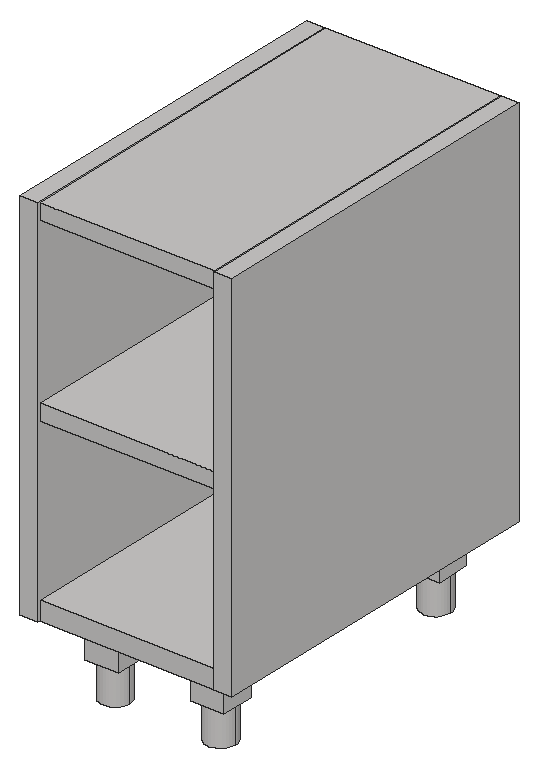
Revit family "QF_ELECTROLUXPROFESSIONAL_121810_TERG4", category Attrezzature speciali, Revit 2020
Family settings
  Quota connettore circolare = Usa diametro
  Tipo di parte = Normale
  Basato su piano di lavoro = No
  Sempre verticale = Sì
  Taglio con vuoti quando caricato = No
  Condiviso = No
  Punto di calcolo locali = No
Parameters (values of type "Standard")
  Weight = 7.00 kg
  Watts = 0 W
  Volts = 0 V
  URL Manufacturer = "https://www.electroluxprofessional.com/"
  URL = "https://www.electroluxprofessional.com/"
  Steam Supply Size = 0 mm
  Steam Supply Minimum Pressure = 0.0 Pa
  Steam Supply Maximum Pressure = 0.0 Pa
  Steam Consumption per Hour = 0
  Refrigeration Suction Line Size = 0.0 mm
  Refrigeration Liquid Line Size = 0.0 mm
  Refrigerant Compressor Remote = yes
  Prospetto di default = 0.0 mm
  Phase = 0
  Modello = "TERG4"
  Produttore = "Electrolux Professional"
  Length Actual = 400.0 mm  # constant formula
  Item Number = "121810"
  Hot Water Size = 0 mm
  Height Actual = 860.0 mm  # constant formula
  HP = "0 HP"
  Gas Size = 0 mm
  Gas KW = 0
  Gas Input Pressure = 0 W
  Direct Waste Size = 0 mm
  Descrizione = "OPEN AMBIENT UNIT 400MM"
  Depth Actual = 680.0 mm  # constant formula
  Cycle = 0 Hz
  Condensate Return Size = 0 mm
  Compressed Air Volume = 0.0 L/s
  Compressed Air Size = 0 mm
  Compressed Air Pressure = 0.0 Pa
  Cold Water Size = 0 mm
  Accessory = yes
Reference planes
  plane 1 "Center (Front/Back)": y = 0
  plane 2: z = 0
  plane 3 "Center (Left/Right)": x = -300
  plane 4 "LEFT": x = -500
  plane 5 "RIGHT": x = -100
  plane 6 "BACK": y = 340
  plane 7 "FRONT": y = -340
  plane 8 "Base": z = 860
  plane 9 "TOP": z = 900
  plane 10: x = -400
  plane 11: x = -200
  plane 12: y = 270
  plane 13: y = -240
  plane 14 "FEET": z = 150
  plane 15: x = 152.5
  plane 16: x = -466
  plane 17: x = -134
  plane 18: y = -337
  plane 19: y = 310
Forms (mm)
  Extrusion 1, solid, material "QF_Finishes_Stainless Steel"
    sketch origin (0, 0, 150) x (-1, 0, 0) y (0, -1, 0)
      loop
        line (500, -340) -> (500, 340) -> (466, 340) -> (466, -340) -> (500, -340)
      loop
        line (134, -340) -> (134, 340) -> (100, 340) -> (100, -340) -> (134, -340)
    from 0 to 710
  Extrusion 2, solid, material "QF_Finishes_Stainless Steel"
    sketch origin (0, 0, 150) x (-1, 0, 0) y (0, -1, 0)
      loop
        line (466, -310) -> (466, 337) -> (134, 337) -> (134, -310) -> (466, -310)
    from 0 to 35
  Extrusion 3, solid, material "QF_Finishes_Stainless Steel"
    sketch origin (0, 0, 0) x (1, 0, 0) y (0, 1, 0)
      loop
        line (-466, -337) -> (-134, -337) -> (-134, 310) -> (-466, 310) -> (-466, -337)
    from 490 to 520
  Extrusion 4, solid, material "QF_Finishes_Stainless Steel"
    sketch origin (0, 0, 0) x (1, 0, 0) y (0, 1, 0)
      loop
        line (-466, -337) -> (-134, -337) -> (-134, 340) -> (-466, 340) -> (-466, -337)
    from 830 to 860
  Extrusion 5, solid, material "QF_Finishes_Stainless Steel"
    sketch origin (0, 0, 150) x (-1, 0, 0) y (0, -1, 0)
      loop
        line (466, -340) -> (466, -310) -> (134, -310) -> (134, -340) -> (466, -340)
    from 680 to 0
Lines and regions (mm)
  symbolic lines, style "SpecialityEquipmentHiddenLines"
    curve 1: line (-100, 340, 900) -> (-500, 340, 900)
    curve 2: line (-100, -340, 900) -> (-100, 340, 900)
    curve 3: line (-500, -344.5, 150) -> (-500, 340, 150)
    curve 4: line (-500, -340, 150) -> (-466, -340, 150)
    curve 5: line (-466, -340, 150) -> (-466, -337, 150)
    curve 6: line (-466, -337, 150) -> (-134, -337, 150)
    curve 7: line (-134, -337, 150) -> (-134, -340, 150)
    curve 8: line (-134, -340, 150) -> (-100, -340, 150)
Dimensions and locks
  plane 4 "LEFT" to plane 5 "RIGHT" = 400.0 mm
  equal spacing: plane 4 "LEFT", plane 3 "Center (Left/Right)", plane 5 "RIGHT"
  plane 6 "BACK" to plane 7 "FRONT" = 680.0 mm
  equal spacing: plane 6 "BACK", plane 1 "Center (Front/Back)", plane 7 "FRONT"
  locked: plane 14 "FEET" to level at 150
  locked: plane 4 "LEFT" to plane 10 at 100
  locked: plane 11 to plane 5 "RIGHT" at 100
  locked: plane 4 "LEFT" to plane 16 at 34
  locked: plane 17 to plane 5 "RIGHT" at 34
  plane 18 to plane 7 "FRONT" = 3.0 mm
  plane 6 "BACK" to plane 19 = 30.0 mm
  locked: plane 6 "BACK" to plane 12 at 70
  locked: plane 13 to plane 7 "FRONT" at 100
  locked: plane 8 "Base" to level at 860
  locked: plane 9 "TOP" to level at 900
  aligned and locked: level to plane 2
  aligned and locked: plane 10 to nested 1
  aligned and locked: plane 11 to nested 2
  aligned and locked: plane 11 to nested 4
  aligned and locked: nested 4 to plane 12
  aligned and locked: plane 10 to nested 3
  aligned and locked: nested 3 to plane 12
  aligned and locked: plane 8 "Base" to Extrusion 1
  aligned and locked: plane 6 "BACK" to Extrusion 1 sketch curve
  aligned and locked: Extrusion 1 sketch curve to plane 6 "BACK"
  aligned and locked: plane 7 "FRONT" to Extrusion 1 sketch curve
  aligned and locked: Extrusion 1 sketch curve to plane 7 "FRONT"
  aligned and locked: plane 16 to Extrusion 1
  aligned and locked: Extrusion 1 to plane 17
  aligned and locked: Extrusion 2 to plane 16
  aligned and locked: plane 17 to Extrusion 2
  aligned and locked: plane 17 to Extrusion 3
  aligned and locked: Extrusion 3 to plane 16
  aligned and locked: plane 8 "Base" to Extrusion 4
  aligned and locked: Extrusion 2 to plane 18
  aligned and locked: Extrusion 2 to plane 19
  aligned and locked: Extrusion 3 to plane 19
  aligned and locked: Extrusion 4 to plane 18
  aligned and locked: Extrusion 3 to plane 18
  aligned and locked: plane 16 to Extrusion 5 sketch curve
  aligned and locked: Extrusion 5 sketch curve to plane 17
  aligned and locked: Extrusion 5 sketch curve to plane 6 "BACK"
  aligned and locked: Extrusion 5 sketch curve to plane 19
  aligned and locked: Extrusion 5 to Extrusion 4
  aligned and locked: Extrusion 5 to plane 14 "FEET"
  aligned and locked: plane 6 "BACK" to Extrusion 4
  aligned and locked: nested 1 to plane 13
  aligned and locked: nested 2 to plane 13
Automatic sketch dimensions
  curve 2 to plane 5 "RIGHT" = 0.0 mm
  curve 2 to plane 7 "FRONT" = 0.0 mm
  curve 1 to plane 4 "LEFT" = 0.0 mm
  curve 1 to plane 6 "BACK" = 0.0 mm
  Extrusion 1 sketch curve to plane 5 "RIGHT" = 0.0 mm
  Extrusion 1 sketch curve to plane 17 = 0.0 mm
  Extrusion 1 sketch curve to plane 16 = 0.0 mm
  Extrusion 1 sketch curve to plane 4 "LEFT" = 0.0 mm
  Extrusion 2 sketch curve to plane 17 = 0.0 mm
  Extrusion 2 sketch curve to plane 16 = 0.0 mm
  plane 19 to Extrusion 2 sketch curve = 0.0 mm
  Extrusion 2 sketch curve to plane 18 = 0.0 mm
  curve 8 to plane 5 "RIGHT" = 0.0 mm
  curve 8 to plane 7 "FRONT" = 0.0 mm
  curve 8 to plane 17 = 0.0 mm
  curve 6 to plane 16 = 0.0 mm
  curve 3 to plane 4 "LEFT" = 0.0 mm
  curve 3 to plane 6 "BACK" = 0.0 mm
  curve 6 to plane 18 = 0.0 mm
  curve 4 to plane 7 "FRONT" = 0.0 mm
  curve 4 to curve 3 = 4.5 mm
  Extrusion 3 sketch curve to plane 16 = 0.0 mm
  Extrusion 3 sketch curve to plane 17 = 0.0 mm
  Extrusion 3 sketch curve to plane 18 = 0.0 mm
  plane 19 to Extrusion 3 sketch curve = 0.0 mm
  Extrusion 4 sketch curve to plane 16 = 0.0 mm
  Extrusion 4 sketch curve to plane 17 = 0.0 mm
  Extrusion 4 sketch curve to plane 18 = 0.0 mm
  Extrusion 4 sketch curve to plane 19 = 30.0 mm
Nested families
  nested 1: "FEET_L63-150" at (-400, -240, 0), type "FEET_L63-150"
  nested 2: "FEET_L63-150" at (-200, -240, 0), type "FEET_L63-150"
  nested 3: "FEET_L63-150" at (-400, 270, 0), type "FEET_L63-150"
  nested 4: "FEET_L63-150" at (-200, 270, 0), type "FEET_L63-150"
Definition of nested family "FEET_L63-150"
  Parameters
    Default Elevation = 0.0 mm
    FEET = 150.0 mm
  Reference planes
    plane 1 "Center (Front/Back)": y = 0
    plane 2: z = 0
    plane 3 "Center (Left/Right)": x = 0
    plane 4: z = 150
  Forms (mm)
    Extrusion 1, solid
      sketch origin (0, 0, 0) x (1, 0, 0) y (0, 1, 0)
        loop
          circle (0, 0) r 28
      from 0 to 67
    Extrusion 2, solid
      sketch origin (0, 0, 0) x (1, 0, 0) y (0, 1, 0)
        loop
          line (31.561, 31.5) -> (-31.439, 31.5) -> (-31.439, -31.5) -> (31.561, -31.5) -> (31.561, 31.5)
      from 67 to 150 <- "FEET"
  Lines and regions (mm)
    symbolic lines
      curve 1: line (0, -1.503, 0) -> (0, 1.508, 0)
      curve 2: line (1.561, 0, 0) -> (-1.439, 0, 0)
  Dimensions and locks
    "FEET": plane 4 to plane 2
    aligned and locked: level to plane 2
  Automatic sketch dimensions
    plane 1 "Center (Front/Back)" to Extrusion 1 sketch curve = 0.0 mm
    Extrusion 1 sketch curve to plane 3 "Center (Left/Right)" = 0.0 mm
    plane 1 "Center (Front/Back)" to curve 2 = 0.0 mm
    curve 1 to plane 3 "Center (Left/Right)" = 0.0 mm
    curve 2 to plane 3 "Center (Left/Right)" = 1.439 mm
    plane 3 "Center (Left/Right)" to curve 2 = 1.561 mm
    plane 1 "Center (Front/Back)" to curve 1 = 1.503 mm
    curve 1 to plane 1 "Center (Front/Back)" = 1.508 mm
    Extrusion 2 sketch curve to plane 1 "Center (Front/Back)" = 31.5 mm
    Extrusion 2 sketch curve to plane 3 "Center (Left/Right)" = 31.439 mm
    plane 3 "Center (Left/Right)" to Extrusion 2 sketch curve = 31.561 mm
    plane 1 "Center (Front/Back)" to Extrusion 2 sketch curve = 31.5 mm
    radius of Extrusion 1 sketch curve = 28.0 mm
